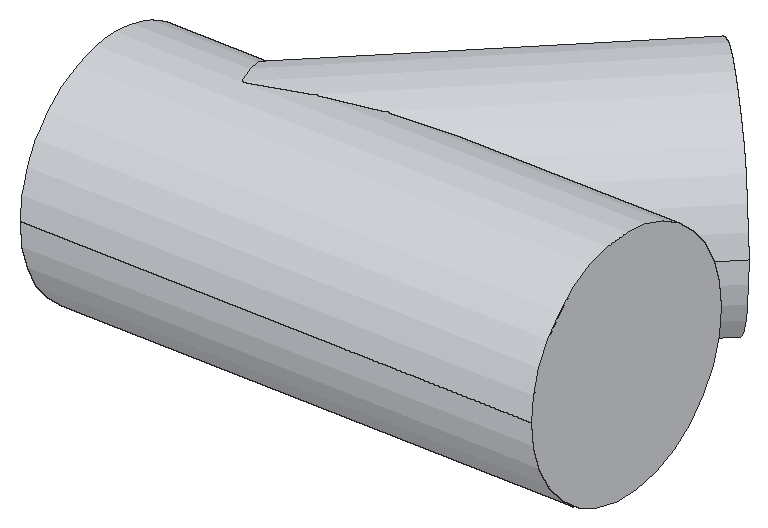
Revit family "2d663af1b1ee44cab1769a057c9f92ba", category Pipe Fittings, Revit 2021
Family settings
  Round Connector Dimension = Use Radius
  Part Type = Lateral Tee
  OmniClass Number = 23.60.30.11.14
  OmniClass Title = Pipework Fittings
  Work Plane-Based = No
  Always vertical = Yes
  Cut with Voids When Loaded = No
  Shared = No
Parameters (values of type "Standard")
  Tick Size [instance] = Fitting Outside Diameter * 0.4  # 12.0000"
  Nominal Radius [instance] = 15.0000"
  Nominal Diameter [instance] = Nominal Radius * 2  # 30.0000"
  Loss Method = K Coefficient from Table
  Lookup Table Name = "Lateral 45 Deg - BV - Stainless Steel - Fabricated"
  K Coefficient Table = "Converging/Diverging Tee/Wye"
  Fitting Outside Radius [instance] = Fitting Outside Diameter / 2  # 15.0000"
  Fitting Outside Diameter [instance] = size_lookup(Lookup Table Name, "FOD", Nominal Diameter, Nominal Diameter)  # 30.0000"
  Default Elevation = 0.0000"
  Center to End 2 Label [instance] = if(Center to End 2 * tan(Angle / 2) > Fitting Outside Radius, Center to End 2, Fitting Outside Radius / tan(Angle / 2))  # 49.0000"
  Center to End 2 [instance] = size_lookup(Lookup Table Name, "CtE2", 1.17 * Nominal Diameter + 14.0000", Nominal Diameter)  # 49.0000"
  Center to End 1 [instance] = size_lookup(Lookup Table Name, "CtE1", 0.33 * Nominal Diameter + 6.7000", Nominal Diameter)  # 16.0000"
  Angle [instance] = 45.00°
Reference planes (in)
  plane 1 "Center (Front/Back)": y = 0
  plane 2: z = 0
  plane 3 "Center (Left/Right)": x = 0
  plane 4: x = -16
  plane 5: y = 12
  plane 6: y = -12
  plane 7: x = 49
Forms (in)
  Extrusion 1, solid, detail levels fine
    sketch origin (0, 0, 0) x (0, 1, 0) y (0, 0, 1)
      loop
        circle (0, 0) r 15
    from -16 to 49
  Sweep 2, solid, detail levels fine
    path origin (0, 0, 0) x (1, 0, 0) y (0, 1, 0)
      loop
        line (0, 0) -> (34.64823, 34.64823)
    profile origin (17.32412, 17.32412, 0) x (-0.707107, 0.707107, 0) y (0, 0, 1)
      loop
        circle (0, 0) r 15
Cuts and joins
  joined: Extrusion 1, Sweep 2
Lines and regions (in)
  reference lines, not visible
    curve 1: line (0, 0, 0) -> (34.64823, 34.64823, 0)
  model lines, detail levels coarse+medium
    curve 2: line (-16, 12, 0) -> (-16, -12, 0)
    curve 3: line (49, 12, 0) -> (49, -12, 0)
    curve 6: line (26.16295, 43.13351, 0) -> (43.13351, 26.16295, 0)
  model lines, style "PipeFitting", detail levels coarse+medium
    curve 4: line (-16, 0, 0) -> (49, 0, 0)
    curve 5: line (0, 0, 0) -> (34.64823, 34.64823, 0)
Dimensions and locks (in)
  "Center to End 1": plane 4 to plane 3 "Center (Left/Right)"
  "Tick Size": plane 5 to plane 1 "Center (Front/Back)"
  "Tick Size": plane 6 to plane 1 "Center (Front/Back)"
  "Center to End 2 Label": plane 3 "Center (Left/Right)" to plane 7
  "Center to End 2 Label": curve 1 to curve 1
  "Center to End 2 Label": Sweep 2 sketch curve to Sweep 2 sketch curve
  "Center to End 2 Label": curve 5 to curve 5
  "Tick Size": curve 1 to curve 6
  "Tick Size": curve 6 to curve 1
  "Fitting Outside Radius": radius of Extrusion 1 sketch curve
  "Fitting Outside Radius": radius of Sweep 2 sketch curve
  "Angle": angle plane 1 "Center (Front/Back)" to curve 1
  "Angle": angle plane 1 "Center (Front/Back)" to Sweep 2 sketch curve
  "Angle": angle plane 1 "Center (Front/Back)" to curve 5
  locked: curve 6 to curve 1 (angle 90.00°)
  aligned and locked: plane 2 to level
  aligned and locked: plane 1 "Center (Front/Back)" to Extrusion 1 sketch curve
  aligned and locked: plane 2 to Extrusion 1 sketch curve
  aligned and locked: Extrusion 1 to plane 4
  aligned and locked: plane 7 to Extrusion 1
  aligned and locked: plane 3 "Center (Left/Right)" to curve 1
  aligned and locked: plane 1 "Center (Front/Back)" to curve 1
  aligned and locked: plane 3 "Center (Left/Right)" to Sweep 2 sketch curve
  aligned and locked: plane 1 "Center (Front/Back)" to Sweep 2 sketch curve
  aligned and locked: plane 5 to curve 3
  aligned and locked: plane 6 to curve 3
  aligned and locked: plane 5 to curve 2
  aligned and locked: plane 6 to curve 2
  aligned and locked: curve 3 to plane 7
  aligned and locked: curve 2 to plane 4
  aligned and locked: plane 4 to curve 4
  aligned and locked: plane 7 to curve 4
  aligned and locked: plane 1 "Center (Front/Back)" to curve 4
  aligned and locked: plane 3 "Center (Left/Right)" to curve 5
  aligned and locked: curve 6 to curve 1
Automatic sketch dimensions
  Sweep 2 sketch curve to level = 0.0000"
  Sweep 2 sketch curve to profile plane = 0.0000"
Connectors (in)
  piping at (-16, 0, 0), diameter 30, driven by "Nominal Radius"
    settings: on Extrusion 1, index 1, connector inside diameter 30.0000", connector length 0.0000", flow factor 0, pipe flow 0 GPM, pressure drop 0.00 psi, fitting loss kfactor 0, connector angle 45.00°, fixture units 0, engagement length 0.0000", angle of deflection 0.00°, flow configuration 0, flow direction 0, fitting loss method 0, system type 28, joint type 0, gender type 0, connector reference index 2, connector utility 0, adjustable connector no, is connector primary yes, connector description ""
  piping at (49, 0, 0), diameter 30, driven by "Nominal Radius"
    settings: on Extrusion 1, index 2, connector inside diameter 30.0000", connector length 0.0000", flow factor 0, pipe flow 0 GPM, pressure drop 0.00 psi, fitting loss kfactor 0, connector angle 0.00°, fixture units 0, engagement length 0.0000", angle of deflection 0.00°, flow configuration 0, flow direction 0, fitting loss method 0, system type 28, joint type 0, gender type 0, connector reference index 1, connector utility 0, adjustable connector no, is connector primary no, connector description ""
  piping at (34.64823, 34.64823, 0), diameter 30, driven by "Nominal Radius", driven by "Angle"
    settings: on Sweep 2, index 3, connector inside diameter 30.0000", connector length 0.0000", flow factor 0, pipe flow 0 GPM, pressure drop 0.00 psi, fitting loss kfactor 0, connector angle 45.00°, fixture units 0, engagement length 0.0000", angle of deflection 0.00°, flow configuration 0, flow direction 0, fitting loss method 0, system type 28, joint type 0, gender type 0, connector reference index -1, connector utility 0, adjustable connector no, is connector primary no, connector description ""
